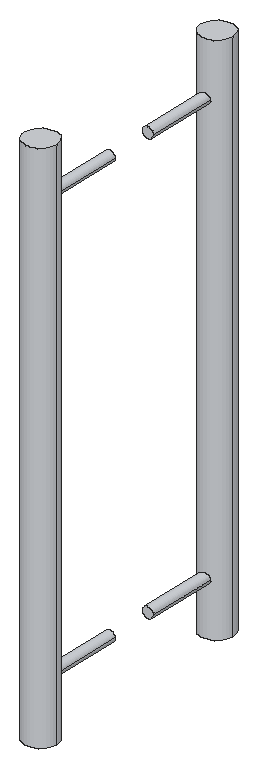
Revit family "Maçaneta da porta 4", category Portas, Revit 2019
Family settings
  Com base no plano de trabalho = Não
  Sempre na vertical = Sim
  Corte com vazios quando carregada = Não
  Compartilhado = Não
  Ponto de cálculo do ambiente = Não
Parameters (values of type "Altura 500 mm")
  Espessura do painel = 45 mm
  Material do puxador = none
  Raio do puxador = 15 mm
  Altura do puxador = 500 mm
  Profundidade do puxador = 80 mm
  Raio do conector = 5 mm
  Altura do conector = Altura do puxador - 100 mm  # 400 mm
  Assembly Code = ""
Reference planes
  plane 1 "Centro (Frente/Trás)": y = 0
  plane 2: z = 0
  plane 3 "Centro (Esquerda/Direita)": x = 0
  plane 4: z = 250
  plane 5: y = -102.5
  plane 6: z = -250
  plane 7: z = 200
  plane 8: z = -200
  plane 9: y = -22.5
  plane 10: y = 22.5
  plane 11: y = 102.5
Forms (mm)
  Extrusion 1, solid, material <- "Material do puxador"
    sketch origin (0, -30.569, 0) x (1, 0, 0) y (0, 1, 0)
      loop
        circle (0, -71.931) r 15
    from -250 to 250
  Extrusion 2, solid, material <- "Material do puxador"
    sketch origin (0, 0, 0) x (1, 0, 0) y (0, 0, 1)
      loop
        circle (0, 200) r 5
      loop
        circle (0, -200) r 5
    from 22.5 to 102.5
  Extrusion 3, solid, material <- "Material do puxador"
    sketch origin (0, 0, 0) x (1, 0, 0) y (0, 0, -1)
      loop
        circle (0, -200) r 5
      loop
        circle (0, 200) r 5
    from 22.5 to 102.5
  Extrusion 4, solid, material <- "Material do puxador"
    sketch origin (0, 30.569, 0) x (1, 0, 0) y (0, 1, 0)
      loop
        circle (0, 71.931) r 15
    from -250 to 250
Dimensions and locks
  equal spacing: plane 4, plane 2, plane 6
  "Altura do puxador": plane 4 to plane 6
  equal spacing: plane 7, plane 2, plane 8
  "Altura do conector": plane 7 to plane 8
  equal spacing: plane 9, plane 1 "Centro (Frente/Trás)", plane 10
  "Profundidade do puxador": plane 9 to plane 5
  "Profundidade do puxador": plane 10 to plane 11
  "Espessura do painel": plane 9 to plane 10
  "Raio do puxador": radius of Extrusion 1 sketch curve
  "Raio do conector": radius of Extrusion 2 sketch curve  (x2)
  "Raio do conector": radius of Extrusion 3 sketch curve  (x2)
  "Raio do puxador": radius of Extrusion 4 sketch curve
  aligned and locked: plane 6 to Extrusion 1
  aligned and locked: plane 4 to Extrusion 1
  aligned: Extrusion 2 to plane 5
  aligned and locked: Extrusion 2 to plane 5  (x2)
  aligned and locked: plane 9 to Extrusion 2
  aligned and locked: plane 5 to Extrusion 1 sketch curve
  aligned and locked: plane 3 "Centro (Esquerda/Direita)" to Extrusion 1 sketch curve
  aligned and locked: Extrusion 2 to plane 9  (x2)
  aligned and locked: plane 10 to Extrusion 3
  aligned and locked: Extrusion 3 to plane 11
  aligned and locked: plane 11 to Extrusion 4 sketch curve
  aligned and locked: plane 3 "Centro (Esquerda/Direita)" to Extrusion 4 sketch curve
  aligned and locked: plane 4 to Extrusion 4
  aligned and locked: plane 6 to Extrusion 4
Automatic sketch dimensions
  Extrusion 2 sketch curve to plane 3 "Centro (Esquerda/Direita)" = 0 mm  (x2)
  Extrusion 2 sketch curve to plane 8 = 0 mm
  Extrusion 2 sketch curve to plane 7 = 0 mm
  Extrusion 3 sketch curve to plane 3 "Centro (Esquerda/Direita)" = 0 mm  (x2)
  Extrusion 3 sketch curve to plane 7 = 0 mm
  Extrusion 3 sketch curve to plane 8 = 0 mm
